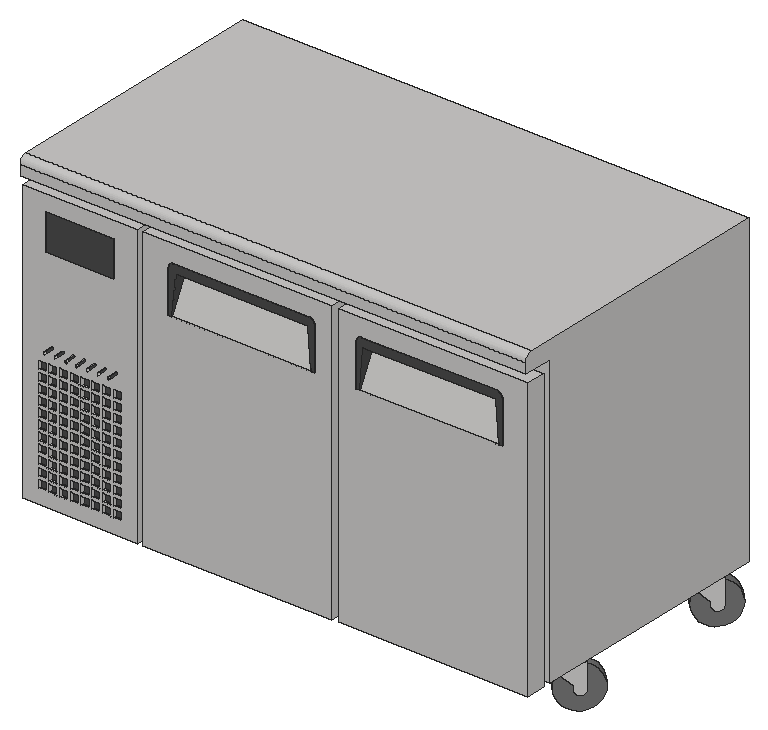
Revit family "QF_Turbo Air_JUR-48b9a3bb95-e581-4f10-a3da-8ac50aff0923", category Specialty Equipment, Revit 2012
Parameters
  Weight in Pounds = 222
  Watermarked By = "http://revitwatermark.com"
  Volts = 115 V
  URL Cutsheet = ""
  URL = "www.turboairinc.com"
  Status [instance] = ""
  Specification by User [instance] = ""
  Specification by Manufacturer [instance] = ""
  Serial Number [instance] = ""
  Revision Code [instance] = ""
  Phase = 1
  Number of Poles [instance] = 1
  NAFEM Spec ID Number [instance] = ""
  Model = "JUR-48"
  Masterspec [instance] = ""
  Manufacturer = "Turbo Air"  # constant formula
  Legs [instance] = [6 inch Legs]  # no
  Item Number [instance] = "-"
  Installed By [instance] = ""
  HP = "1/4"
  Furnished By [instance] = ""
  Foodservice Equipment Identifier = yes
  FL Amps = 4.5 A
  Electrical Remarks [instance] = ""
  Electric Connection Type [instance] = ""
  Elec Conn RI Height [instance] = 0' - 0"
  Elec Conn Connection Height = 1' - 0"
  Description = "Undercounter Refrigerator"
  Cycle = 60 Hz
  Conn Plug = "NEMA 5-15P"
  Casters [instance] = not(Legs)  # yes
  CasterLeg Height [instance] = if([4 inch Casters], 0' 5", if([5 inch Casters], 0' 5 3/4", if([2_5 inch Casters], 0' 3 3/8", 0' 6")))  # 0' - 5"
  CSI MasterFormat = "11 41 13"
  Assembly Code = "E1090320"
  Apparent Power = if(Phase = 3, Volts * FL Amps * 1.73, Volts * FL Amps)  # 517.5 VA
  6 inch Legs [instance] = no
  5 inch Casters [instance] = no
  4 inch Casters [instance] = yes
  2_5 inch Casters [instance] = no
Reference planes (in)
  plane 1 "BACK": y = -1.5
  plane 2: z = 0
  plane 3 "LEFT": x = -20.72594
  plane 4 "Bottom": z = 5
  plane 5 "Back Stops": y = -0.5
  plane 6 "RIGHT": x = 26.52406
  plane 7 "FRONT": y = -29
  plane 8 "Door Clearance": y = -43.375
  plane 9 "Back of Door": y = -25.4375
  plane 10 "Front of Box": y = -24.75
  plane 11 "Counter Top": z = 33.75
  plane 12 "Top of Door": z = 31.25
  plane 13 "Front of Doors": y = -27.25
  plane 14 "Front of Ledge": y = -27.5
  plane 15 "Left of Right Door": x = 8.83656
  plane 16 "Right of Grill": x = -9.97594
  plane 17 "Right of Left Door": x = 8.21156
  plane 18 "Left of Left Door": x = -9.47594
Forms (in)
  Extrusion 1, solid, material "QF_Finishes_Stainless Steel"
    sketch origin (-20.72594, 0, 0) x (0, 1, 0) y (0, 0, 1)
      loop
        line (-1.5, 5) -> (-1.5, 33.75) -> (-26.8125, 33.75)
        arc (-26.8125, 33.75) -> (-27.29864, 33.54864) -> (-27.5, 33.0625) r 0.6875
        line (-27.5, 33.0625) -> (-27.5, 32.125) -> (-24.75, 32.125) -> (-24.75, 5) -> (-1.5, 5)
    from 0 to 47.25
  Extrusion 2, solid, material "QF_Finishes_Black"
    sketch origin (0, -24.75, 0) x (1, 0, 0) y (0, 0, 1)
      loop
        line (25.52406, 6) -> (25.52406, 30.25) -> (9.83656, 30.25) -> (9.83656, 6) -> (25.52406, 6)
      loop
        line (7.21156, 6) -> (7.21156, 30.25) -> (-8.47594, 30.25) -> (-8.47594, 6) -> (7.21156, 6)
    from 0 to 0.6875
  Extrusion 3, solid, material "QF_Finishes_Black"
    sketch origin (0, -1.5, 0) x (1, 0, 0) y (0, 0, 1)
      loop
        circle (-14.60094, 28.9375) r 0.5
      loop
        circle (20.39906, 28.9375) r 0.5
    from 0 to -1
  Extrusion 4, solid, material "QF_Finishes_Stainless Steel"
    sketch origin (0, -1.5, 0) x (1, 0, 0) y (0, 0, 1)
      loop
        circle (-15.35094, 11.125) r 0.25
    from 0 to -0.0625
  Extrusion 5, solid, material "QF_Finishes_Stainless Steel"
    sketch origin (0, -24.75, 0) x (1, 0, 0) y (0, 0, 1)
      loop
        line (-20.72594, 31.25) -> (-20.72594, 5) -> (-9.97594, 5) -> (-9.97594, 31.25) -> (-20.72594, 31.25)
      loop
        line (-11.47594, 7.125) -> (-12.22594, 7.125) -> (-12.22594, 6.375) -> (-11.47594, 6.375) -> (-11.47594, 7.125)
      loop
        line (-12.47594, 7.125) -> (-13.22594, 7.125) -> (-13.22594, 6.375) -> (-12.47594, 6.375) -> (-12.47594, 7.125)
      loop
        line (-13.47594, 7.125) -> (-14.22594, 7.125) -> (-14.22594, 6.375) -> (-13.47594, 6.375) -> (-13.47594, 7.125)
      loop
        line (-14.47594, 7.125) -> (-15.22594, 7.125) -> (-15.22594, 6.375) -> (-14.47594, 6.375) -> (-14.47594, 7.125)
      loop
        line (-15.47594, 7.125) -> (-16.22594, 7.125) -> (-16.22594, 6.375) -> (-15.47594, 6.375) -> (-15.47594, 7.125)
      loop
        line (-16.47594, 7.125) -> (-17.22594, 7.125) -> (-17.22594, 6.375) -> (-16.47594, 6.375) -> (-16.47594, 7.125)
      loop
        line (-17.47594, 7.125) -> (-18.22594, 7.125) -> (-18.22594, 6.375) -> (-17.47594, 6.375) -> (-17.47594, 7.125)
      loop
        line (-18.47594, 7.125) -> (-19.22594, 7.125) -> (-19.22594, 6.375) -> (-18.47594, 6.375) -> (-18.47594, 7.125)
      loop
        line (-11.47594, 8.125) -> (-12.22594, 8.125) -> (-12.22594, 7.375) -> (-11.47594, 7.375) -> (-11.47594, 8.125)
      loop
        line (-12.47594, 8.125) -> (-13.22594, 8.125) -> (-13.22594, 7.375) -> (-12.47594, 7.375) -> (-12.47594, 8.125)
      loop
        line (-13.47594, 8.125) -> (-14.22594, 8.125) -> (-14.22594, 7.375) -> (-13.47594, 7.375) -> (-13.47594, 8.125)
      loop
        line (-14.47594, 8.125) -> (-15.22594, 8.125) -> (-15.22594, 7.375) -> (-14.47594, 7.375) -> (-14.47594, 8.125)
      loop
        line (-15.47594, 8.125) -> (-16.22594, 8.125) -> (-16.22594, 7.375) -> (-15.47594, 7.375) -> (-15.47594, 8.125)
      loop
        line (-16.47594, 8.125) -> (-17.22594, 8.125) -> (-17.22594, 7.375) -> (-16.47594, 7.375) -> (-16.47594, 8.125)
      loop
        line (-17.47594, 8.125) -> (-18.22594, 8.125) -> (-18.22594, 7.375) -> (-17.47594, 7.375) -> (-17.47594, 8.125)
      loop
        line (-18.47594, 8.125) -> (-19.22594, 8.125) -> (-19.22594, 7.375) -> (-18.47594, 7.375) -> (-18.47594, 8.125)
      loop
        line (-11.47594, 9.125) -> (-12.22594, 9.125) -> (-12.22594, 8.375) -> (-11.47594, 8.375) -> (-11.47594, 9.125)
      loop
        line (-12.47594, 9.125) -> (-13.22594, 9.125) -> (-13.22594, 8.375) -> (-12.47594, 8.375) -> (-12.47594, 9.125)
      loop
        line (-13.47594, 9.125) -> (-14.22594, 9.125) -> (-14.22594, 8.375) -> (-13.47594, 8.375) -> (-13.47594, 9.125)
      loop
        line (-14.47594, 9.125) -> (-15.22594, 9.125) -> (-15.22594, 8.375) -> (-14.47594, 8.375) -> (-14.47594, 9.125)
      loop
        line (-15.47594, 9.125) -> (-16.22594, 9.125) -> (-16.22594, 8.375) -> (-15.47594, 8.375) -> (-15.47594, 9.125)
      loop
        line (-16.47594, 9.125) -> (-17.22594, 9.125) -> (-17.22594, 8.375) -> (-16.47594, 8.375) -> (-16.47594, 9.125)
      loop
        line (-17.47594, 9.125) -> (-18.22594, 9.125) -> (-18.22594, 8.375) -> (-17.47594, 8.375) -> (-17.47594, 9.125)
      loop
        line (-18.47594, 9.125) -> (-19.22594, 9.125) -> (-19.22594, 8.375) -> (-18.47594, 8.375) -> (-18.47594, 9.125)
      loop
        line (-11.47594, 10.125) -> (-12.22594, 10.125) -> (-12.22594, 9.375) -> (-11.47594, 9.375) -> (-11.47594, 10.125)
      loop
        line (-12.47594, 10.125) -> (-13.22594, 10.125) -> (-13.22594, 9.375) -> (-12.47594, 9.375) -> (-12.47594, 10.125)
      loop
        line (-13.47594, 10.125) -> (-14.22594, 10.125) -> (-14.22594, 9.375) -> (-13.47594, 9.375) -> (-13.47594, 10.125)
      loop
        line (-14.47594, 10.125) -> (-15.22594, 10.125) -> (-15.22594, 9.375) -> (-14.47594, 9.375) -> (-14.47594, 10.125)
      loop
        line (-15.47594, 10.125) -> (-16.22594, 10.125) -> (-16.22594, 9.375) -> (-15.47594, 9.375) -> (-15.47594, 10.125)
      loop
        line (-16.47594, 10.125) -> (-17.22594, 10.125) -> (-17.22594, 9.375) -> (-16.47594, 9.375) -> (-16.47594, 10.125)
      loop
        line (-17.47594, 10.125) -> (-18.22594, 10.125) -> (-18.22594, 9.375) -> (-17.47594, 9.375) -> (-17.47594, 10.125)
      loop
        line (-18.47594, 10.125) -> (-19.22594, 10.125) -> (-19.22594, 9.375) -> (-18.47594, 9.375) -> (-18.47594, 10.125)
      loop
        line (-11.47594, 11.125) -> (-12.22594, 11.125) -> (-12.22594, 10.375) -> (-11.47594, 10.375) -> (-11.47594, 11.125)
      loop
        line (-12.47594, 11.125) -> (-13.22594, 11.125) -> (-13.22594, 10.375) -> (-12.47594, 10.375) -> (-12.47594, 11.125)
      loop
        line (-13.47594, 11.125) -> (-14.22594, 11.125) -> (-14.22594, 10.375) -> (-13.47594, 10.375) -> (-13.47594, 11.125)
      loop
        line (-14.47594, 11.125) -> (-15.22594, 11.125) -> (-15.22594, 10.375) -> (-14.47594, 10.375) -> (-14.47594, 11.125)
      loop
        line (-15.47594, 11.125) -> (-16.22594, 11.125) -> (-16.22594, 10.375) -> (-15.47594, 10.375) -> (-15.47594, 11.125)
      loop
        line (-16.47594, 11.125) -> (-17.22594, 11.125) -> (-17.22594, 10.375) -> (-16.47594, 10.375) -> (-16.47594, 11.125)
      loop
        line (-17.47594, 11.125) -> (-18.22594, 11.125) -> (-18.22594, 10.375) -> (-17.47594, 10.375) -> (-17.47594, 11.125)
      loop
        line (-18.47594, 11.125) -> (-19.22594, 11.125) -> (-19.22594, 10.375) -> (-18.47594, 10.375) -> (-18.47594, 11.125)
      loop
        line (-11.47594, 12.125) -> (-12.22594, 12.125) -> (-12.22594, 11.375) -> (-11.47594, 11.375) -> (-11.47594, 12.125)
      loop
        line (-12.47594, 12.125) -> (-13.22594, 12.125) -> (-13.22594, 11.375) -> (-12.47594, 11.375) -> (-12.47594, 12.125)
      loop
        line (-13.47594, 12.125) -> (-14.22594, 12.125) -> (-14.22594, 11.375) -> (-13.47594, 11.375) -> (-13.47594, 12.125)
      loop
        line (-14.47594, 12.125) -> (-15.22594, 12.125) -> (-15.22594, 11.375) -> (-14.47594, 11.375) -> (-14.47594, 12.125)
      loop
        line (-15.47594, 12.125) -> (-16.22594, 12.125) -> (-16.22594, 11.375) -> (-15.47594, 11.375) -> (-15.47594, 12.125)
      loop
        line (-16.47594, 12.125) -> (-17.22594, 12.125) -> (-17.22594, 11.375) -> (-16.47594, 11.375) -> (-16.47594, 12.125)
      loop
        line (-17.47594, 12.125) -> (-18.22594, 12.125) -> (-18.22594, 11.375) -> (-17.47594, 11.375) -> (-17.47594, 12.125)
      loop
        line (-18.47594, 12.125) -> (-19.22594, 12.125) -> (-19.22594, 11.375) -> (-18.47594, 11.375) -> (-18.47594, 12.125)
      loop
        line (-11.47594, 13.125) -> (-12.22594, 13.125) -> (-12.22594, 12.375) -> (-11.47594, 12.375) -> (-11.47594, 13.125)
      loop
        line (-12.47594, 13.125) -> (-13.22594, 13.125) -> (-13.22594, 12.375) -> (-12.47594, 12.375) -> (-12.47594, 13.125)
      loop
        line (-13.47594, 13.125) -> (-14.22594, 13.125) -> (-14.22594, 12.375) -> (-13.47594, 12.375) -> (-13.47594, 13.125)
      loop
        line (-14.47594, 13.125) -> (-15.22594, 13.125) -> (-15.22594, 12.375) -> (-14.47594, 12.375) -> (-14.47594, 13.125)
      loop
        line (-15.47594, 13.125) -> (-16.22594, 13.125) -> (-16.22594, 12.375) -> (-15.47594, 12.375) -> (-15.47594, 13.125)
      loop
        line (-16.47594, 13.125) -> (-17.22594, 13.125) -> (-17.22594, 12.375) -> (-16.47594, 12.375) -> (-16.47594, 13.125)
      loop
        line (-17.47594, 13.125) -> (-18.22594, 13.125) -> (-18.22594, 12.375) -> (-17.47594, 12.375) -> (-17.47594, 13.125)
      loop
        line (-18.47594, 13.125) -> (-19.22594, 13.125) -> (-19.22594, 12.375) -> (-18.47594, 12.375) -> (-18.47594, 13.125)
      loop
        line (-11.47594, 14.125) -> (-12.22594, 14.125) -> (-12.22594, 13.375) -> (-11.47594, 13.375) -> (-11.47594, 14.125)
      loop
        line (-12.47594, 14.125) -> (-13.22594, 14.125) -> (-13.22594, 13.375) -> (-12.47594, 13.375) -> (-12.47594, 14.125)
      loop
        line (-13.47594, 14.125) -> (-14.22594, 14.125) -> (-14.22594, 13.375) -> (-13.47594, 13.375) -> (-13.47594, 14.125)
      loop
        line (-14.47594, 14.125) -> (-15.22594, 14.125) -> (-15.22594, 13.375) -> (-14.47594, 13.375) -> (-14.47594, 14.125)
      loop
        line (-15.47594, 14.125) -> (-16.22594, 14.125) -> (-16.22594, 13.375) -> (-15.47594, 13.375) -> (-15.47594, 14.125)
      loop
        line (-16.47594, 14.125) -> (-17.22594, 14.125) -> (-17.22594, 13.375) -> (-16.47594, 13.375) -> (-16.47594, 14.125)
      loop
        line (-17.47594, 14.125) -> (-18.22594, 14.125) -> (-18.22594, 13.375) -> (-17.47594, 13.375) -> (-17.47594, 14.125)
      loop
        line (-18.47594, 14.125) -> (-19.22594, 14.125) -> (-19.22594, 13.375) -> (-18.47594, 13.375) -> (-18.47594, 14.125)
      loop
        line (-11.47594, 15.125) -> (-12.22594, 15.125) -> (-12.22594, 14.375) -> (-11.47594, 14.375) -> (-11.47594, 15.125)
      loop
        line (-12.47594, 15.125) -> (-13.22594, 15.125) -> (-13.22594, 14.375) -> (-12.47594, 14.375) -> (-12.47594, 15.125)
      loop
        line (-13.47594, 15.125) -> (-14.22594, 15.125) -> (-14.22594, 14.375) -> (-13.47594, 14.375) -> (-13.47594, 15.125)
      loop
        line (-14.47594, 15.125) -> (-15.22594, 15.125) -> (-15.22594, 14.375) -> (-14.47594, 14.375) -> (-14.47594, 15.125)
      loop
        line (-15.47594, 15.125) -> (-16.22594, 15.125) -> (-16.22594, 14.375) -> (-15.47594, 14.375) -> (-15.47594, 15.125)
      loop
        line (-16.47594, 15.125) -> (-17.22594, 15.125) -> (-17.22594, 14.375) -> (-16.47594, 14.375) -> (-16.47594, 15.125)
      loop
        line (-17.47594, 15.125) -> (-18.22594, 15.125) -> (-18.22594, 14.375) -> (-17.47594, 14.375) -> (-17.47594, 15.125)
      loop
        line (-18.47594, 15.125) -> (-19.22594, 15.125) -> (-19.22594, 14.375) -> (-18.47594, 14.375) -> (-18.47594, 15.125)
      loop
        line (-11.47594, 16.125) -> (-12.22594, 16.125) -> (-12.22594, 15.375) -> (-11.47594, 15.375) -> (-11.47594, 16.125)
      loop
        line (-12.47594, 16.125) -> (-13.22594, 16.125) -> (-13.22594, 15.375) -> (-12.47594, 15.375) -> (-12.47594, 16.125)
      loop
        line (-13.47594, 16.125) -> (-14.22594, 16.125) -> (-14.22594, 15.375) -> (-13.47594, 15.375) -> (-13.47594, 16.125)
      loop
        line (-14.47594, 16.125) -> (-15.22594, 16.125) -> (-15.22594, 15.375) -> (-14.47594, 15.375) -> (-14.47594, 16.125)
      loop
        line (-15.47594, 16.125) -> (-16.22594, 16.125) -> (-16.22594, 15.375) -> (-15.47594, 15.375) -> (-15.47594, 16.125)
      loop
        line (-16.47594, 16.125) -> (-17.22594, 16.125) -> (-17.22594, 15.375) -> (-16.47594, 15.375) -> (-16.47594, 16.125)
      loop
        line (-17.47594, 16.125) -> (-18.22594, 16.125) -> (-18.22594, 15.375) -> (-17.47594, 15.375) -> (-17.47594, 16.125)
      loop
        line (-18.47594, 16.125) -> (-19.22594, 16.125) -> (-19.22594, 15.375) -> (-18.47594, 15.375) -> (-18.47594, 16.125)
      loop
        line (-11.47594, 17.125) -> (-12.22594, 17.125) -> (-12.22594, 16.375) -> (-11.47594, 16.375) -> (-11.47594, 17.125)
      loop
        line (-12.47594, 17.125) -> (-13.22594, 17.125) -> (-13.22594, 16.375) -> (-12.47594, 16.375) -> (-12.47594, 17.125)
      loop
        line (-13.47594, 17.125) -> (-14.22594, 17.125) -> (-14.22594, 16.375) -> (-13.47594, 16.375) -> (-13.47594, 17.125)
      loop
        line (-14.47594, 17.125) -> (-15.22594, 17.125) -> (-15.22594, 16.375) -> (-14.47594, 16.375) -> (-14.47594, 17.125)
      loop
        line (-15.47594, 17.125) -> (-16.22594, 17.125) -> (-16.22594, 16.375) -> (-15.47594, 16.375) -> (-15.47594, 17.125)
      loop
        line (-16.47594, 17.125) -> (-17.22594, 17.125) -> (-17.22594, 16.375) -> (-16.47594, 16.375) -> (-16.47594, 17.125)
      loop
        line (-17.47594, 17.125) -> (-18.22594, 17.125) -> (-18.22594, 16.375) -> (-17.47594, 16.375) -> (-17.47594, 17.125)
      loop
        line (-18.47594, 17.125) -> (-19.22594, 17.125) -> (-19.22594, 16.375) -> (-18.47594, 16.375) -> (-18.47594, 17.125)
      loop
        arc (-14.68933, 17.96339) -> (-14.68933, 17.78661) -> (-14.51255, 17.78661) r 0.125
        line (-14.51255, 17.78661) -> (-13.80544, 18.49372)
        arc (-13.80544, 18.49372) -> (-13.80544, 18.6705) -> (-13.98222, 18.6705) r 0.125
        line (-13.98222, 18.6705) -> (-14.68933, 17.96339)
      loop
        arc (-13.68933, 17.96339) -> (-13.68933, 17.78661) -> (-13.51255, 17.78661) r 0.125
        line (-13.51255, 17.78661) -> (-12.80544, 18.49372)
        arc (-12.80544, 18.49372) -> (-12.80544, 18.6705) -> (-12.98222, 18.6705) r 0.125
        line (-12.98222, 18.6705) -> (-13.68933, 17.96339)
      loop
        arc (-12.68933, 17.96339) -> (-12.68933, 17.78661) -> (-12.51255, 17.78661) r 0.125
        line (-12.51255, 17.78661) -> (-11.80544, 18.49372)
        arc (-11.80544, 18.49372) -> (-11.80544, 18.6705) -> (-11.98222, 18.6705) r 0.125
        line (-11.98222, 18.6705) -> (-12.68933, 17.96339)
      loop
        arc (-17.68933, 17.96339) -> (-17.68933, 17.78661) -> (-17.51255, 17.78661) r 0.125
        line (-17.51255, 17.78661) -> (-16.80544, 18.49372)
        arc (-16.80544, 18.49372) -> (-16.80544, 18.6705) -> (-16.98222, 18.6705) r 0.125
        line (-16.98222, 18.6705) -> (-17.68933, 17.96339)
      loop
        arc (-16.68933, 17.96339) -> (-16.68933, 17.78661) -> (-16.51255, 17.78661) r 0.125
        line (-16.51255, 17.78661) -> (-15.80544, 18.49372)
        arc (-15.80544, 18.49372) -> (-15.80544, 18.6705) -> (-15.98222, 18.6705) r 0.125
        line (-15.98222, 18.6705) -> (-16.68933, 17.96339)
      loop
        arc (-15.68933, 17.96339) -> (-15.68933, 17.78661) -> (-15.51255, 17.78661) r 0.125
        line (-15.51255, 17.78661) -> (-14.80544, 18.49372)
        arc (-14.80544, 18.49372) -> (-14.80544, 18.6705) -> (-14.98222, 18.6705) r 0.125
        line (-14.98222, 18.6705) -> (-15.68933, 17.96339)
      loop
        arc (-18.68933, 17.96339) -> (-18.68933, 17.78661) -> (-18.51255, 17.78661) r 0.125
        line (-18.51255, 17.78661) -> (-17.80544, 18.49372)
        arc (-17.80544, 18.49372) -> (-17.80544, 18.6705) -> (-17.98222, 18.6705) r 0.125
        line (-17.98222, 18.6705) -> (-18.68933, 17.96339)
      loop
        line (-12.16344, 29.75) -> (-18.53844, 29.75) -> (-18.53844, 26.375) -> (-12.16344, 26.375) -> (-12.16344, 29.75)
    from 0 to 2.5
  Extrusion 6, solid, material "QF_Finishes_Black"
    sketch origin (0, -24.75, 0) x (1, 0, 0) y (0, 0, 1)
      loop
        line (-19.72594, 5.875) -> (-10.97594, 5.875) -> (-10.97594, 19.125) -> (-19.72594, 19.125) -> (-19.72594, 5.875)
    from 0 to 2.25
  Extrusion 7, solid, material "QF_Finishes_Black"
    sketch origin (0, -24.75, 0) x (1, 0, 0) y (0, 0, 1)
      loop
        line (-18.53844, 29.75) -> (-18.53844, 26.375) -> (-12.16344, 26.375) -> (-12.16344, 29.75) -> (-18.53844, 29.75)
    from 0 to 2.5
Lines and regions (in)
  symbolic lines
    curve 1: line (-20.72594, -1.5, 33.75) -> (26.52406, -1.5, 33.75)
    curve 2: line (-20.72594, -29, 33.75) -> (-20.72594, -1.5, 33.75)
    curve 3: line (26.52406, -29, 33.75) -> (-20.72594, -29, 33.75)
    curve 4: line (26.52406, -1.5, 33.75) -> (26.52406, -29, 33.75)
    curve 5: line (19.89906, -0.5, 33.75) -> (20.89906, -0.5, 33.75)
    curve 6: line (-15.10094, -0.5, 33.75) -> (-14.10094, -0.5, 33.75)
    curve 7: line (-15.10094, -0.5, 33.75) -> (-15.10094, -1.5, 33.75)
    curve 8: line (-14.10094, -0.5, 33.75) -> (-14.10094, -1.5, 33.75)
    curve 9: line (19.89906, -0.5, 33.75) -> (19.89906, -1.5, 33.75)
    curve 10: line (20.89906, -0.5, 33.75) -> (20.89906, -1.5, 33.75)
  symbolic lines, style "QF_Clearances", detail levels coarse
    curve 11: line (26.52406, -29, 33.75) -> (26.52406, -43.375, 33.75)
    curve 12: arc (26.52406, -43.375, 33.75) -> (15.24891, -39.31537, 33.75) -> (9.14951, -29, 33.75) r 17.6875
    curve 13: line (-9.47594, -29, 33.75) -> (-9.47594, -43.375, 33.75)
    curve 14: arc (-9.47594, -43.375, 33.75) -> (1.79921, -39.31537, 33.75) -> (7.89861, -29, 33.75) r 17.6875
Dimensions and locks (in)
  "CasterLeg Height": plane 4 "Bottom" to plane 2
  locked: plane 1 "BACK" to plane 5 "Back Stops" at 1
  locked: plane 6 "RIGHT" to plane 3 "LEFT" at 47.25
  locked: plane 7 "FRONT" to plane 1 "BACK" at 27.5
  locked: plane 9 "Back of Door" to plane 10 "Front of Box" at 0.6875
  locked: plane 11 "Counter Top" to plane 4 "Bottom" at 28.75
  locked: Extrusion 2 sketch curve to plane 6 "RIGHT" at 1
  locked: nested 1 to plane 1 "BACK" at 2.5625
  locked: plane 3 "LEFT" to nested 1 at 2.5
  locked: plane 3 "LEFT" to nested 2 at 2.5
  locked: plane 10 "Front of Box" to nested 2 at 4.625
  locked: nested 3 to plane 6 "RIGHT" at 2.5
  locked: nested 4 to plane 6 "RIGHT" at 2.5
  locked: plane 10 "Front of Box" to nested 4 at 4.625
  locked: nested 3 to plane 1 "BACK" at 2.5625
  locked: plane 11 "Counter Top" to Extrusion 3 sketch curve at 4.8125  (x2)
  locked: plane 6 "RIGHT" to Extrusion 3 sketch curve at 6.125
  locked: Extrusion 3 sketch curve to plane 3 "LEFT" at 6.125
  locked: Extrusion 4 sketch curve to plane 4 "Bottom" at 6.125
  locked: Extrusion 2 sketch curve to plane 4 "Bottom" at 1  (x2)
  locked: plane 12 "Top of Door" to Extrusion 2 sketch curve at 1  (x2)
  locked: plane 13 "Front of Doors" to plane 10 "Front of Box" at 2.5
  locked: plane 14 "Front of Ledge" to plane 13 "Front of Doors" at 0.25
  locked: plane 11 "Counter Top" to plane 12 "Top of Door" at 2.5
  locked: plane 11 "Counter Top" to Extrusion 1 sketch curve at 1.625
  locked: plane 15 "Left of Right Door" to plane 6 "RIGHT" at 17.6875
  locked: plane 3 "LEFT" to plane 16 "Right of Grill" at 10.75
  locked: Extrusion 2 sketch curve to plane 15 "Left of Right Door" at 1
  locked: plane 3 "LEFT" to Extrusion 6 sketch curve at 1
  locked: plane 16 "Right of Grill" to Extrusion 6 sketch curve at 1
  locked: Extrusion 6 sketch curve to plane 4 "Bottom" at 0.875
  locked: Extrusion 6 sketch curve to Extrusion 6 sketch curve at 13.25
  locked: Extrusion 4 sketch curve to plane 3 "LEFT" at 5.375
  locked: plane 16 "Right of Grill" to plane 18 "Left of Left Door" at 0.5
  locked: plane 18 "Left of Left Door" to plane 17 "Right of Left Door" at 17.6875
  locked: Extrusion 2 sketch curve to plane 17 "Right of Left Door" at 1
  locked: Extrusion 2 sketch curve to plane 18 "Left of Left Door" at 1
  locked: plane 8 "Door Clearance" to plane 7 "FRONT" at 14.375
  aligned and locked: level to plane 2
  aligned and locked: Extrusion 1 sketch curve to plane 1 "BACK"
  aligned and locked: Extrusion 1 sketch curve to plane 4 "Bottom"
  aligned and locked: plane 10 "Front of Box" to Extrusion 1 sketch curve
  aligned and locked: plane 6 "RIGHT" to Extrusion 1
  aligned and locked: plane 9 "Back of Door" to Extrusion 2
  aligned and locked: Extrusion 1 sketch curve to plane 11 "Counter Top"
  aligned and locked: Extrusion 3 to plane 5 "Back Stops"
  aligned and locked: plane 1 "BACK" to curve 1
  aligned and locked: plane 3 "LEFT" to curve 2
  aligned and locked: curve 3 to plane 7 "FRONT"
  aligned and locked: curve 5 to Extrusion 3
  aligned and locked: curve 6 to Extrusion 3
  aligned and locked: plane 4 "Bottom" to nested 5
  aligned and locked: Extrusion 1 sketch curve to plane 14 "Front of Ledge"
  aligned and locked: Extrusion 5 sketch curve to plane 12 "Top of Door"
  aligned and locked: plane 3 "LEFT" to Extrusion 5 sketch curve
  aligned and locked: plane 4 "Bottom" to Extrusion 5 sketch curve
  aligned and locked: plane 16 "Right of Grill" to Extrusion 5 sketch curve
  aligned and locked: plane 13 "Front of Doors" to Extrusion 5
  aligned and locked: plane 13 "Front of Doors" to Extrusion 7
  aligned and locked: plane 6 "RIGHT" to nested 5
  aligned and locked: plane 17 "Right of Left Door" to nested 6
  aligned and locked: nested 6 to plane 4 "Bottom"
Automatic sketch dimensions
  curve 11 to plane 6 "RIGHT" = 0' - 0"
  plane 8 "Door Clearance" to curve 11 = 0' - 0"
  plane 8 "Door Clearance" to curve 14 = 0' - 0"
  curve 14 to plane 18 "Left of Left Door" = 0' - 0"
  plane 9 "Back of Door" to curve 14 = 0' - 0 1/4"
  plane 9 "Back of Door" to curve 12 = 0' - 0 1/4"
  curve 5 to curve 9 = 0' - 1"
  curve 6 to curve 7 = 0' - 1"
  Extrusion 5 sketch curve to Extrusion 5 sketch curve = 0' - 0.08839"  (x42)
  Extrusion 5 sketch curve to Extrusion 5 sketch curve = 0' - 0 3/4"  (x52)
  Extrusion 5 sketch curve to Extrusion 5 sketch curve = 0' - 0"  (x162)
  Extrusion 5 sketch curve to Extrusion 5 sketch curve = 0' - 0.03661"  (x7)
  Extrusion 5 sketch curve to Extrusion 5 sketch curve = 0' - 0 1/4"  (x125)
  Extrusion 5 sketch curve to Extrusion 5 sketch curve = 0' - 0.70711"  (x2)
  Extrusion 5 sketch curve to Extrusion 5 sketch curve = 0' - 0.11612"  (x6)
  Extrusion 5 sketch curve to Extrusion 5 sketch curve = 0' - 0.82322"  (x6)
  Extrusion 5 sketch curve to plane 16 "Right of Grill" = 0' - 2 3/16"
  plane 4 "Bottom" to Extrusion 5 sketch curve = 0' - 1 3/8"  (x2)
  Extrusion 5 sketch curve to Extrusion 5 sketch curve = 0' - 0.66161"  (x7)
  Extrusion 5 sketch curve to Extrusion 5 sketch curve = 0' - 0.53033"  (x6)
  Extrusion 5 sketch curve to plane 12 "Top of Door" = 0' - 4 7/8"
  Extrusion 5 sketch curve to plane 12 "Top of Door" = 0' - 1 1/2"
  Extrusion 7 sketch curve to plane 16 "Right of Grill" = 0' - 2 3/16"
  Extrusion 7 sketch curve to plane 12 "Top of Door" = 0' - 4 7/8"
  Extrusion 7 sketch curve to plane 12 "Top of Door" = 0' - 1 1/2"
  Extrusion 1 sketch curve to plane 13 "Front of Doors" = 0' - 0 7/16"
  curve 8 to plane 16 "Right of Grill" = 0' - 4 1/8"
  plane 3 "LEFT" to Extrusion 5 sketch curve = 0' - 1 1/2"  (x4)
  Extrusion 5 sketch curve to Extrusion 5 sketch curve = 0' - 0.53661"
  plane 3 "LEFT" to Extrusion 5 sketch curve = 0' - 2 3/16"
  plane 3 "LEFT" to Extrusion 7 sketch curve = 0' - 2 3/16"
  curve 10 to plane 6 "RIGHT" = 0' - 5 5/8"
  radius of Extrusion 3 sketch curve = 0' - 0 1/2"  (x2)
  radius of Extrusion 4 sketch curve = 0' - 0 1/4"
Nested families (in)
  nested 1: "FESCasterLeg" at (-18.22594, -4.0625, 0), Legs <- "Legs", Casters <- "Casters", Height <- "CasterLeg Height", type "FESCasterLeg"
    with Legs no, Height 0' - 5", Casters yes, Caster Radius 0' - 2"
  nested 2: "FESCasterLeg" at (-18.22594, -20.125, 0), Legs <- "Legs", Casters <- "Casters", Height <- "CasterLeg Height", type "FESCasterLeg"
    with Legs no, Height 0' - 5", Casters yes, Caster Radius 0' - 2"
  nested 3: "FESCasterLeg" at (24.02406, -4.0625, 0), Legs <- "Legs", Casters <- "Casters", Height <- "CasterLeg Height", type "FESCasterLeg"
    with Legs no, Height 0' - 5", Casters yes, Caster Radius 0' - 2"
  nested 4: "FESCasterLeg" at (24.02406, -20.125, 0), Legs <- "Legs", Casters <- "Casters", Height <- "CasterLeg Height", type "FESCasterLeg"
    with Legs no, Height 0' - 5", Casters yes, Caster Radius 0' - 2"
  nested 5: "QF_Turbo Air_TBL_Door-1" at (11.34739, -25.4375, 5) x (-1, 0, 0) z (0, 0, 1), type "QF_Turbo Air_TBL_Door-1"
    with Width 1' - 5 11/16", Symbolic Lines no, Height 2' - 2 1/4", Handle Width 1' - 1 11/16", Depth 0' - 1 13/16"
  nested 6: "QF_Turbo Air_TBL_Door-1" at (5.70073, -25.4375, 5), type "QF_Turbo Air_TBL_Door-1"
    with Width 1' - 5 11/16", Symbolic Lines no, Height 2' - 2 1/4", Handle Width 1' - 1 11/16", Depth 0' - 1 13/16"
Connectors (in)
  electrical at (-15.35094, -1.4375, 11.125), driven by "Number of Poles", driven by "Volts", driven by "Apparent Power"
    settings: on Extrusion 4, index 1, voltage 115 V, apparent load 517.5 VA, apparent load phase1 0 VA, apparent load phase2 0 VA, apparent load phase3 0 VA, power factor 1, load classification "Other", number of poles 1, system type 30, power factor state 1, is connector primary yes, connector utility no, sub classification motor no, connector description ""
Definition of nested family "FESCasterLeg"
  Parameters (values of type "FESCasterLeg")
    Watermarked By = "http://revitwatermark.com"
    Type Comments = "⍁⍉⌁⌀⏭⎽⌇⍠⌜⍉⎖⌥⌦⌯⍭⏊⍻⍿⍊⏵⍊⏗⏠⍴⎡⌈⎀⍠⌓⌤⏘⎐⍀⌐⏬⏁⎈⏍⏦⎒⏬⌝⍩⍇⌣〈⎫〉⎁⏊⍥⍖⍥⍝⍦⌖⍀⏌⏭⎝⎼⏷⏞⍻⏯⎽⏷⏞⍻⏯⎽⏷⎺⌻⎝⍎⌧⏷⏟⏿⌿⍜⍦⍤⌁⍬⏶⏎⍊⏚⏉⎞⌡⎀⎪⏈⌟⌿⍾⍼⌟⌿⌢⌞⏜⏝⎽⍷⍷⍯⍧⍷⌯⍽⏸⏨⏾⏎⌣⏺⍹⏼⏅⎏⌽⎫⎪⍙⎓⏗⎗⏅⌴⍏⍏⍿⏑⎺⍘⌭⏲⍥⎛⎾⎾⍞⍌⎪⎲⌙⎥⏏⎟⎟⏼⏘⎏⎝⏧⏍⏁⍏⍧⏯⏾⌟"
    Legs [instance] = yes
    Height [instance] = 0' - 6"
    Caster Radius [instance] = if(Height < 0' 3", 0' 1", (Height / 2) - 0' 0 1/2")  # 0' - 2 1/2"
    Casters [instance] = yes
    Assembly Code = ""
  Reference planes (in)
    plane 1 "Center (Front/Back)": y = 0
    plane 2: z = 0
    plane 3 "Center (Left/Right)": x = 0
    plane 4: z = 6
    plane 5: z = 5.5
  Forms (in)
    Extrusion 1, solid, material "QF_Finishes_Stainless Steel", visible <- "Casters"
      sketch origin (-24.12131, -22.88887, 10.18833) x (0.707107, 0.707107, 0) y (0, 0, 1)
        loop
          line (34.98772, -7.68833) -> (34.98772, -4.93833) -> (34.48772, -4.93833) -> (34.39402, -4.68833) -> (32.39402, -4.68833) -> (32.39402, -5.43833) -> (33.98772, -7.34206) -> (33.98772, -7.68833)
          arc (33.98772, -7.68833) -> (34.48772, -8.18833) -> (34.98772, -7.68833) r 0.5
      from 0 to 1.75
    Extrusion 2, solid, material "QF_Finishes_Rubber Black", visible <- "Casters"
      sketch origin (-24.32327, -23.09083, 13.31461) x (0.707107, 0.707107, 0) y (0, 0, 1)
        loop
          circle (34.77334, -10.81461) r 2.5
      from 0.375 to 1.375
    Extrusion 3, solid, material "QF_Finishes_Stainless Steel", visible <- "Casters"
      sketch origin (-7.24148, -8.48391, 0) x (0.707107, 0.707107, 0) y (0, 0, 1)
        loop
          line (10.61603, 5.5) -> (11.61603, 5.5) -> (11.61603, 6) -> (10.61603, 6) -> (10.61603, 5.5)
      from 0 to -1.75
    Blend 4, solid, material "QF_Finishes_Stainless Steel", visible <- "Legs"
      base sketch origin (0, 0, 0) x (1, 0, 0) y (0, 1, 0)
        loop
          circle (0, 0) r 0.5
      top sketch origin (0, 0, 0) x (1, 0, 0) y (0, 1, 0)
        loop
          circle (0, 0) r 1
      from 0 to 6 <- "Height"
  Lines and regions (in)
    symbolic lines, style "QF_Hidden Details", visible <- "Casters", built-in parameter 1006206 <- "Casters"
      curve 1: line (-1.26158, -0.51911, 0) -> (1.39007, 2.13254, 0)
      curve 2: line (-0.53429, -1.24639, 0) -> (2.11736, 1.40526, 0)
    symbolic lines, style "QF_Hidden Details", built-in parameter 1006206 <- "Casters", visible <- "Casters"
      curve 3: line (-1.26158, -0.51911, 0) -> (1.39007, 2.13254, 0)
      curve 4: line (-0.53429, -1.24639, 0) -> (2.11736, 1.40526, 0)
  Dimensions and locks (in)
    locked: plane 4 to plane 5 at 0.5
    "Height": plane 4 to level
    "Caster Radius": Extrusion 2 sketch curve to level
    "Caster Radius": Extrusion 1 sketch curve to level
    "Caster Radius": radius of Extrusion 2 sketch curve
    aligned and locked: plane 2 to level
    aligned: Blend 4 to Extrusion 3
    aligned and locked: plane 4 to Blend 4
    aligned and locked: Extrusion 3 to plane 5
    aligned and locked: plane 4 to Extrusion 3
    aligned and locked: plane 5 to Extrusion 1
  Automatic sketch dimensions
    plane 1 "Center (Front/Back)" to curve 3 = 0' - 0.51911"
    curve 3 to plane 3 "Center (Left/Right)" = 0' - 1.26158"
    plane 1 "Center (Front/Back)" to curve 1 = 0' - 0.51911"
    curve 1 to curve 3 = 0' - 0"  (x3)
    curve 4 to plane 3 "Center (Left/Right)" = 0' - 0.53429"
    curve 2 to curve 4 = 0' - 0"  (x2)
    plane 3 "Center (Left/Right)" to curve 3 = 0' - 1.39007"
    curve 1 to curve 4 = 0' - 0.72729"
    curve 2 to curve 1 = 0' - 0.72729"
    curve 4 to curve 2 = 0' - 0"  (x2)
    curve 2 to plane 1 "Center (Front/Back)" = 0' - 1.40526"
    curve 2 to curve 3 = 0' - 0.72729"
    plane 5 to Extrusion 1 sketch curve = 0' - 0"
    Extrusion 1 sketch curve to Extrusion 1 sketch curve = 0' - 1.5937"
    Extrusion 1 sketch curve to Extrusion 1 sketch curve = 0' - 2"
    Extrusion 1 sketch curve to Extrusion 1 sketch curve = 0' - 0.0937"
    Extrusion 1 sketch curve to Extrusion 1 sketch curve = 0' - 0 1/2"
    Extrusion 1 sketch curve to Extrusion 1 sketch curve = 0' - 0.34627"
    Extrusion 1 sketch curve to plane 5 = 0' - 0 3/4"
    Extrusion 1 sketch curve to plane 5 = 0' - 0 1/4"
    Extrusion 3 sketch curve to plane 5 = 0' - 0"
    plane 4 to Extrusion 3 sketch curve = 0' - 0"
    Extrusion 3 sketch curve to Extrusion 3 sketch curve = 0' - 1"
    plane 1 "Center (Front/Back)" to Blend 4 sketch curve = 0' - 0"  (x2)
    Blend 4 sketch curve to plane 3 "Center (Left/Right)" = 0' - 0"  (x2)
    radius of Blend 4 sketch curve = 0' - 0 1/2"
    radius of Blend 4 sketch curve = 0' - 1"
Definition of nested family "QF_Turbo Air_TBL_Door-1"
  Parameters (values of type "QF_Turbo Air_TBL_Door-1")
    Width [instance] = 2' - 5 5/16"
    Watermarked By = "http://revitwatermark.com"
    Symbolic Lines [instance] = yes
    Manufacturer = "Turbo Air"  # constant formula
    Height [instance] = 2' - 3 7/16"
    Handle Width [instance] = 1' - 5 5/8"
    Depth [instance] = 0' - 1 13/16"
  Reference planes (in)
    plane 1 "BACK": y = 0
    plane 2: z = 0
    plane 3 "LEFT": x = -15.17667
    plane 4: x = 14.13583
    plane 5 "FRONT": y = -1.8125
    plane 6: z = 27.4375
    plane 7 "Right of Handle": x = 12.51083
    plane 8 "Left of Handle": x = -5.11417
  Forms (in)
    Extrusion 1, solid, material "QF_Finishes_Black"
      sketch origin (-31.11417, 0, 15.01083) x (0, 0, -1) y (1, 0, 0)
        loop
          arc (-10.23917, 43.625) -> (-10.63691, 43.46025) -> (-10.80167, 43.0625) r 0.5625
          line (-10.80167, 43.0625) -> (-10.80167, 26.5625)
          arc (-10.80167, 26.5625) -> (-10.63691, 26.16475) -> (-10.23917, 26) r 0.5625
          line (-10.23917, 26) -> (-6.30167, 26) -> (-6.30167, 26.34375) -> (-9.98917, 26.66636) -> (-9.98917, 42.95864) -> (-6.30167, 43.28125) -> (-6.30167, 43.625) -> (-10.23917, 43.625)
      from 0 to 1.8125
    Extrusion 2, solid, material "QF_Finishes_Stainless Steel"
      sketch origin (-5.14542, 0, 15.01083) x (0, 1, 0) y (0, 0, 1)
        loop
          line (-1.8125, 6.30167) -> (0, 6.30167) -> (0, 9.98917) -> (-0.47036, 9.98917) -> (-1.8125, 6.30167)
      from 0.375 to 17.3125
    Extrusion 3, solid, material "QF_Finishes_Stainless Steel"
      sketch origin (0, 0, 0) x (1, 0, 0) y (0, 0, 1)
        loop
          line (-15.17667, 27.4375) -> (-15.17667, 0) -> (14.13583, 0) -> (14.13583, 27.4375) -> (-15.17667, 27.4375)
        loop
          arc (-4.55167, 25.8125) -> (-4.94941, 25.64775) -> (-5.11417, 25.25) r 0.5625
          line (-5.11417, 25.25) -> (-5.11417, 21.3125) -> (12.51083, 21.3125) -> (12.51083, 25.25)
          arc (12.51083, 25.25) -> (12.34608, 25.64775) -> (11.94833, 25.8125) r 0.5625
          line (11.94833, 25.8125) -> (-4.55167, 25.8125)
      from 0 to 1.8125
  Lines and regions (in)
    symbolic lines, visible <- "Symbolic Lines"
      curve 1: line (-15.17667, 0, 25.96875) -> (14.13583, 0, 25.96875)
      curve 2: line (-15.17667, -1.8125, 25.96875) -> (-15.17667, 0, 25.96875)
      curve 3: line (14.13583, -1.8125, 25.96875) -> (-15.17667, -1.8125, 25.96875)
      curve 4: line (14.13583, 0, 25.96875) -> (14.13583, -1.8125, 25.96875)
  Dimensions and locks (in)
    "Width": plane 4 to plane 3 "LEFT"
    "Depth": plane 5 "FRONT" to plane 1 "BACK"
    "Height": plane 6 to plane 2
    locked: Extrusion 3 sketch curve to Extrusion 3 sketch curve at 4.5
    locked: plane 6 to Extrusion 3 sketch curve at 1.625
    locked: plane 6 to Extrusion 1 sketch curve at 1.625
    locked: Extrusion 1 sketch curve to Extrusion 1 sketch curve at 0.8125
    locked: Extrusion 1 sketch curve to Extrusion 1 sketch curve at 4.5  (x2)
    locked: plane 6 to Extrusion 2 sketch curve at 2.4375
    locked: Extrusion 2 sketch curve to Extrusion 2 sketch curve at 3.6875
    locked: Extrusion 2 sketch curve to plane 5 "FRONT" at 1.34214
    locked: plane 7 "Right of Handle" to plane 4 at 1.625
    "Handle Width": plane 8 "Left of Handle" to plane 7 "Right of Handle"
    locked: Extrusion 1 sketch curve to plane 8 "Left of Handle" at 0.34375
    locked: Extrusion 1 sketch curve to plane 8 "Left of Handle" at 0.66636
    locked: Extrusion 1 sketch curve to plane 8 "Left of Handle" at 0.5625
    locked: plane 7 "Right of Handle" to Extrusion 1 sketch curve at 0.34375
    locked: plane 7 "Right of Handle" to Extrusion 1 sketch curve at 0.66636
    locked: plane 7 "Right of Handle" to Extrusion 1 sketch curve at 0.5625
    locked: plane 8 "Left of Handle" to Extrusion 2 at 0.34375
    locked: plane 7 "Right of Handle" to Extrusion 2 at 0.34375
    aligned and locked: level to plane 2
    aligned and locked: Extrusion 3 sketch curve to plane 6
    aligned and locked: plane 3 "LEFT" to Extrusion 3 sketch curve
    aligned and locked: level to Extrusion 3 sketch curve
    aligned and locked: Extrusion 3 sketch curve to plane 4
    aligned and locked: plane 5 "FRONT" to Extrusion 3
    aligned and locked: Extrusion 2 sketch curve to plane 1 "BACK"
    aligned and locked: plane 1 "BACK" to curve 1
    aligned and locked: plane 3 "LEFT" to curve 2
    aligned and locked: curve 3 to plane 5 "FRONT"
    aligned and locked: curve 4 to plane 4
    aligned and locked: Extrusion 3 sketch curve to plane 7 "Right of Handle"
    aligned and locked: Extrusion 3 sketch curve to plane 8 "Left of Handle"
    aligned and locked: Extrusion 1 sketch curve to plane 7 "Right of Handle"
    aligned and locked: plane 8 "Left of Handle" to Extrusion 1 sketch curve
  Automatic sketch dimensions
    Extrusion 3 sketch curve to Extrusion 3 sketch curve = 0' - 0 9/16"  (x2)
    Extrusion 2 sketch curve to plane 5 "FRONT" = 0' - 0"
